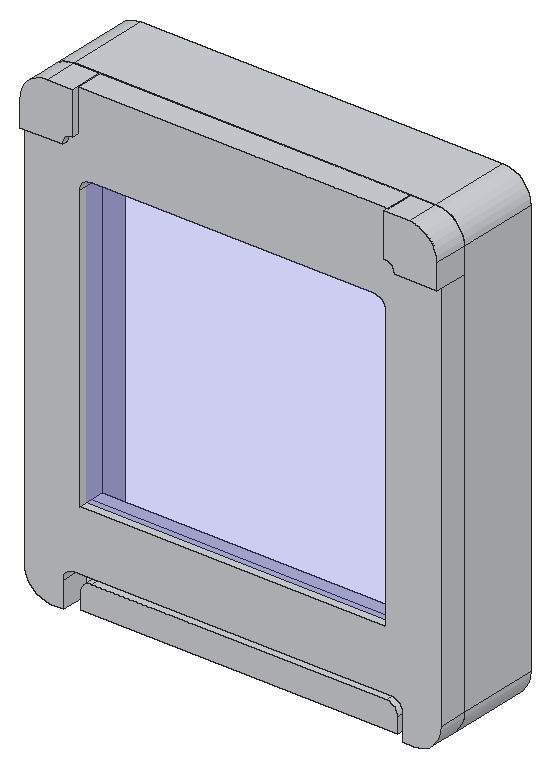
Revit family "Domotics-SerieCivili-GEWISS-27COMBIIN_SYSTEM-IP55_CALOTTA_2M", category Apparecchi elettrici, Revit 2016
Family settings
  Mantenere orientamento annotazione = No
  Tipo di parte = Normale
  Quota connettore circolare = Usa diametro
  Numero OmniClass = 23.80.30.14.24
  Titolo OmniClass = Junction Boxes
  Basato su piano di lavoro = No
  Sempre verticale = Sì
  Taglio con vuoti quando caricato = No
  Condiviso = No
  Punto di calcolo locali = No
Parameters (values of type "GW27401 - Calotta stagna 2 posti System")
  Viti coperchio = "Acciaio inox"
  Vetro Sportello = Vetro
  Versione file RFA = "19.4"
  URL = "https://www.gewiss.com/it/it"
  Tipo portella = "Con membrana"
  Termopressione con biglia = "70 °C"
  Temperatura di installazione = "-25 +60 °C"
  Scheda Tecnica = "https://www.gewiss.com/it/it/search?q=GW27401"
  SEO = "Calotta"
  Resistenza agli urti = "IK07"
  Profondità = 20 mm
  Produttore = "GEWISS S.p.A."
  Norma di riferimento: = "EN 60669-1"
  Norma di riferimento = "EN 60669-1"
  N. moduli SYSTEM = "2"
  Modello = "GW27401"
  Lunghezza = 85 mm
  Larghezza = 75 mm
  Immagine tipo = GW27401.jpg
  IFC.TypeObject = ""
  IFC.ExportType = ""
  IFC.ExportAs = ""
  IDT = "01007444-aaaf-43a2-be93-58eade9c0c9a"
  IDF = "8ccdae25-fe6c-47ac-9a04-511023a3b72e"
  Grado di protezione = "IP55"
  Glow Wire Test = "650°C"
  Finitura = none
  Dimensioni BxH (mm) = "75x85"
  Descrizione = "CALOTTA STAGNA 2 POSTI SYSTEM"
  Creato da GEWISS S.p.A. = ""
  Coppia serraggio viti = "0,8NM"
  Colore portella = "Trasparente"
  Colore = "Grigio RAL 7035"
  Codice Electrocod = "0110"
  Codice EAN = "8011564055605"
  Classe isolamento = "II"
  Catalogo Serie = "27COMBI"
  Catalogo = "DOMOTICS"
  Caratteristiche = "Halogen free"
  COBie.Tagnumber = ""
  COBie.CreatedOn = ""
  COBie.CreatebBy = ""
  COBie.ComponentRegisterItemID = ""
  COBie.Component.TagNumber = ""
  COBie.Component.Space = ""
  COBie.Component.SerialNumber = ""
  COBie.Component.InstallationDate = ""
  COBie.Component.Description = ""
  COBie.Component.BarCode = ""
  Altezza da terra = 850 mm
  Adatto per = "2 moduli SYSTEM"
Types (2, lengths in mm): name | URL | Produttore | Modello | Descrizione
  (no name) | 0 | 0 | 0 | 0
  GW27401 - Calotta stagna 2 posti System | "https://www.gewiss.com/it/it" | "GEWISS S.p.A." | "GW27401" | "CALOTTA STAGNA 2 POSTI SYSTEM"
Values of the unnamed type that differ from the named types
  Viti coperchio = ""
  Versione file RFA = ""
  Tipo portella = ""
  Termopressione con biglia = ""
  Temperatura di installazione = ""
  Scheda Tecnica = ""
  SEO = ""
  Resistenza agli urti = ""
  Norma di riferimento: = ""
  Norma di riferimento = ""
  N. moduli SYSTEM = ""
  IDT = ""
  IDF = ""
  Grado di protezione = ""
  Glow Wire Test = ""
  Dimensioni BxH (mm) = ""
  Coppia serraggio viti = ""
  Colore portella = ""
  Colore = ""
  Codice Electrocod = ""
  Codice EAN = ""
  Classe isolamento = ""
  Catalogo Serie = ""
  Catalogo = ""
  Caratteristiche = ""
  Adatto per = ""
Reference planes
  plane 1 "Centro (Fronte/Retro)": y = 0
  plane 2: z = 0
  plane 3 "Centro (Sinistra/Destra)": x = 0
  plane 4: z = 850
  plane 5: x = -37.5
  plane 6: x = 37.5
  plane 7: z = 935
  plane 8: y = 20
  plane 9 "Lato Posteriore Sportello": y = 5
  plane 10: x = -27.5
  plane 11: x = 27.5
  plane 12: z = 867.5
  plane 13 "Lato Interno Vetro": y = 2.5
  plane 14: y = 1.396
  plane 15: y = -1
Forms (mm)
  Extrusion 1, solid, material <- "Finitura"
    sketch origin (0, 5, 0) x (0, 0, 1) y (1, 0, 0)
      loop
        line (935, -32.5) -> (935, 32.5)
        arc (935, 32.5) -> (933.536, 36.036) -> (930, 37.5) r 5
        line (930, 37.5) -> (855, 37.5)
        arc (855, 37.5) -> (851.464, 36.036) -> (850, 32.5) r 5
        line (850, 32.5) -> (850, -32.5)
        arc (850, -32.5) -> (851.464, -36.036) -> (855, -37.5) r 5
        line (855, -37.5) -> (930, -37.5)
        arc (930, -37.5) -> (933.536, -36.036) -> (935, -32.5) r 5
      loop
        line (855, -35.5) -> (930, -35.5)
        arc (930, -35.5) -> (932.121, -34.621) -> (933, -32.5) r 3
        line (933, -32.5) -> (933, 32.5)
        arc (933, 32.5) -> (932.121, 34.621) -> (930, 35.5) r 3
        line (930, 35.5) -> (855, 35.5)
        arc (855, 35.5) -> (852.879, 34.621) -> (852, 32.5) r 3
        line (852, 32.5) -> (852, -32.5)
        arc (852, -32.5) -> (852.879, -34.621) -> (855, -35.5) r 3
    from 0 to 15
  Extrusion 2, solid
    sketch origin (0, 5, 0) x (0, 0, 1) y (1, 0, 0)
      loop
        line (935, -27.914) -> (935, 27.914) -> (927.415, 27.914)
        arc (927.415, 27.914) -> (926.861, 29.251) -> (925.525, 29.804) r 1.89
        line (925.525, 29.804) -> (925.525, 37.5) -> (855, 37.5)
        arc (855, 37.5) -> (851.464, 36.036) -> (850, 32.5) r 5
        line (850, 32.5) -> (850, 30.496) -> (854.753, 30.496)
        arc (854.753, 30.496) -> (856.167, 29.91) -> (856.753, 28.496) r 2
        line (856.753, 28.496) -> (856.753, -28.496)
        arc (856.753, -28.496) -> (856.167, -29.91) -> (854.753, -30.496) r 2
        line (854.753, -30.496) -> (850, -30.496) -> (850, -32.5)
        arc (850, -32.5) -> (851.464, -36.036) -> (855, -37.5) r 5
        line (855, -37.5) -> (925.525, -37.5) -> (925.525, -29.804)
        arc (925.525, -29.804) -> (926.861, -29.251) -> (927.415, -27.914) r 1.89
        line (927.415, -27.914) -> (935, -27.914)
      loop
        line (920.5, -25.5) -> (920.5, 25.5)
        arc (920.5, 25.5) -> (919.914, 26.914) -> (918.5, 27.5) r 2
        line (918.5, 27.5) -> (867.5, 27.5) -> (867.5, -27.5) -> (918.5, -27.5)
        arc (918.5, -27.5) -> (919.914, -26.914) -> (920.5, -25.5) r 2
    from 0 to -5
  Extrusion 3, solid, material <- "Finitura"
    sketch origin (0, 5, 0) x (0, 0, 1) y (1, 0, 0)
      loop
        line (850, -28.496) -> (852.753, -28.496)
        arc (852.753, -28.496) -> (854.167, -27.91) -> (854.753, -26.496) r 2
        line (854.753, -26.496) -> (854.753, 26.496)
        arc (854.753, 26.496) -> (854.167, 27.91) -> (852.753, 28.496) r 2
        line (852.753, 28.496) -> (850, 28.496) -> (850, -28.496)
    from 0 to -3.604
  Extrusion 4, solid, material "Vetro" <- "Vetro Sportello"
    sketch origin (0, 2.5, 0) x (0, 0, 1) y (1, 0, 0)
      loop
        line (920.5, -25.5) -> (920.5, 25.5)
        arc (920.5, 25.5) -> (919.914, 26.914) -> (918.5, 27.5) r 2
        line (918.5, 27.5) -> (867.5, 27.5) -> (867.5, -27.5) -> (918.5, -27.5)
        arc (918.5, -27.5) -> (919.914, -26.914) -> (920.5, -25.5) r 2
    from 0 to -1.104
  Extrusion 5, solid, material <- "Finitura"
    sketch origin (0, 5, 0) x (0, 0, 1) y (1, 0, 0)
      loop
        line (935, -32.5) -> (935, -27.914) -> (927.415, -27.914)
        arc (927.415, -27.914) -> (926.861, -29.251) -> (925.525, -29.804) r 1.89
        line (925.525, -29.804) -> (925.525, -37.5) -> (930, -37.5)
        arc (930, -37.5) -> (933.536, -36.036) -> (935, -32.5) r 5
    from 0 to -6
  Extrusion 6, solid, material <- "Finitura"
    sketch origin (0, 5, 0) x (0, 0, 1) y (1, 0, 0)
      loop
        line (935, 27.914) -> (935, 32.5)
        arc (935, 32.5) -> (933.536, 36.036) -> (930, 37.5) r 5
        line (930, 37.5) -> (925.525, 37.5) -> (925.525, 29.804)
        arc (925.525, 29.804) -> (926.861, 29.251) -> (927.415, 27.914) r 1.89
        line (927.415, 27.914) -> (935, 27.914)
    from 0 to -6
Lines and regions (mm)
  model lines
    curve 1: arc (-25.5, 0, 920.5) -> (-26.914, 0, 919.914) -> (-27.5, 0, 918.5) r 2
    curve 2: arc (27.5, 0, 918.5) -> (26.914, 0, 919.914) -> (25.5, 0, 920.5) r 2
    curve 5: arc (-27.914, 0, 927.415) -> (-29.251, 0, 926.861) -> (-29.804, 0, 925.525) r 1.89
    curve 6: arc (29.804, 0, 925.525) -> (29.251, 0, 926.861) -> (27.914, 0, 927.415) r 1.89
    curve 7: line (32.5, 0, 850) -> (-32.5, 0, 850)
    curve 8: line (27.5, 0, 918.5) -> (27.5, 0, 867.5)
    curve 9: line (27.5, 0, 867.5) -> (-27.5, 0, 867.5)
    curve 10: line (-27.5, 0, 867.5) -> (-27.5, 0, 918.5)
    curve 11: line (-25.5, 0, 920.5) -> (25.5, 0, 920.5)
    curve 16: line (-37.5, 0, 925.525) -> (-29.804, 0, 925.525)
    curve 17: line (-27.914, 0, 935) -> (-27.914, 0, 927.415)
    curve 19: line (27.914, 0, 927.415) -> (27.914, 0, 935)
    curve 20: line (37.5, 0, 925.525) -> (29.804, 0, 925.525)
  model lines, detail levels medium+fine
    curve 3: circle (-32.5, 0, 930) r 2 normal (0, -1, 0)
    curve 4: circle (32.5, 0, 930) r 2 normal (0, -1, 0)
    curve 18: line (-27.914, 0, 927.415) -> (27.914, 0, 927.415)
  model lines, detail levels fine
    curve 12: line (-34.412, 0, 929.413) -> (-31.2, 0, 931.52)
    curve 13: line (-33.972, 0, 928.646) -> (-30.672, 0, 930.81)
    curve 14: line (34.412, 0, 929.413) -> (31.2, 0, 931.52)
    curve 15: line (33.972, 0, 928.646) -> (30.672, 0, 930.81)
Dimensions and locks
  "Lunghezza": plane 7 to plane 4
  equal spacing: plane 6, plane 3 "Centro (Sinistra/Destra)", plane 5
  "Larghezza": plane 6 to plane 5
  "Altezza da terra": plane 4 to level
  "Profondità": plane 1 "Centro (Fronte/Retro)" to plane 8
  locked: plane 1 "Centro (Fronte/Retro)" to plane 9 "Lato Posteriore Sportello" at 5
  locked: plane 11 to plane 6 at 10
  locked: plane 10 to plane 5 at 10
  locked: plane 12 to plane 4 at 17.5
  locked: plane 14 to plane 13 "Lato Interno Vetro" at 1.104
  plane 15 to plane 1 "Centro (Fronte/Retro)" = 1 mm
  aligned and locked: level to plane 2
  aligned and locked: plane 10 to curve 10
  aligned and locked: plane 11 to curve 8
  aligned and locked: plane 8 to Extrusion 1
  aligned and locked: plane 5 to Extrusion 2 sketch curve
  aligned and locked: plane 6 to Extrusion 2 sketch curve
  aligned and locked: Extrusion 2 sketch curve to plane 7
  aligned and locked: plane 4 to Extrusion 2 sketch curve  (x2)
  aligned and locked: plane 1 "Centro (Fronte/Retro)" to Extrusion 2
  aligned and locked: Extrusion 3 to plane 14
  aligned and locked: plane 10 to Extrusion 4 sketch curve
  aligned and locked: plane 11 to Extrusion 4 sketch curve
  aligned and locked: plane 12 to Extrusion 4 sketch curve
  aligned and locked: Extrusion 4 to plane 14
  aligned and locked: plane 10 to Extrusion 2 sketch curve
  aligned and locked: plane 12 to Extrusion 2 sketch curve
  aligned and locked: plane 11 to Extrusion 2 sketch curve
  aligned and locked: Extrusion 5 sketch curve to plane 7
  aligned and locked: Extrusion 5 to plane 15
  aligned and locked: Extrusion 6 sketch curve to plane 7
  aligned and locked: plane 6 to Extrusion 6 sketch curve
  aligned and locked: Extrusion 6 to plane 15
Automatic sketch dimensions
  curve 7 to plane 4 = 0 mm
  curve 5 to curve 5 = 1.89 mm
  curve 5 to curve 10 = 0.414 mm
  curve 1 to curve 1 = 2 mm
  plane 6 to curve 11 = 12 mm
  curve 11 to curve 19 = 2.414 mm
  curve 6 to curve 20 = 1.89 mm
  curve 11 to curve 5 = 5.025 mm
  curve 12 to curve 13 = 0.44 mm
  curve 12 to plane 7 = 3.48 mm
  curve 3 to curve 12 = 1.3 mm
  curve 13 to plane 7 = 4.19 mm
  curve 14 to plane 7 = 3.48 mm
  curve 15 to curve 14 = 0.528 mm
  curve 15 to curve 14 = 0.44 mm
  Extrusion 1 sketch curve to Extrusion 1 sketch curve = 0 mm  (x7)
  Extrusion 1 sketch curve to plane 4 = 0 mm
  plane 6 to Extrusion 1 sketch curve = 0 mm
  Extrusion 1 sketch curve to plane 5 = 0 mm
  Extrusion 1 sketch curve to plane 7 = 0 mm
  Extrusion 1 sketch curve to Extrusion 1 sketch curve = 3 mm  (x3)
  Extrusion 1 sketch curve to plane 7 = 5 mm
  plane 4 to Extrusion 2 sketch curve = 5 mm  (x2)
  Extrusion 2 sketch curve to plane 7 = 9.475 mm
  Extrusion 2 sketch curve to plane 10 = 0.414 mm
  Extrusion 2 sketch curve to Extrusion 2 sketch curve = 1.89 mm  (x2)
  Extrusion 2 sketch curve to plane 11 = 0.414 mm
  Extrusion 2 sketch curve to plane 7 = 7.585 mm
  Extrusion 2 sketch curve to plane 10 = 0.996 mm
  Extrusion 2 sketch curve to Extrusion 2 sketch curve = 0.247 mm  (x2)
  Extrusion 2 sketch curve to Extrusion 2 sketch curve = 2 mm
  Extrusion 2 sketch curve to plane 11 = 0.996 mm
  Extrusion 3 sketch curve to plane 4 = 0 mm
  Extrusion 3 sketch curve to plane 10 = 0.996 mm
  Extrusion 3 sketch curve to Extrusion 3 sketch curve = 2.753 mm  (x2)
  Extrusion 3 sketch curve to plane 11 = 0.996 mm
  plane 11 to Extrusion 3 sketch curve = 1.004 mm
  Extrusion 4 sketch curve to plane 7 = 16.5 mm  (x2)
  plane 10 to Extrusion 4 sketch curve = 2 mm
  Extrusion 2 sketch curve to Extrusion 2 sketch curve = 7.025 mm  (x2)
  plane 11 to Extrusion 2 sketch curve = 2 mm
  Extrusion 5 sketch curve to Extrusion 5 sketch curve = 5 mm
  Extrusion 5 sketch curve to plane 10 = 0.414 mm
  Extrusion 5 sketch curve to Extrusion 5 sketch curve = 2.585 mm
  Extrusion 5 sketch curve to Extrusion 5 sketch curve = 1.89 mm
  Extrusion 5 sketch curve to plane 5 = 0 mm
  Extrusion 6 sketch curve to plane 11 = 0.414 mm
  Extrusion 6 sketch curve to Extrusion 6 sketch curve = 1.89 mm
  Extrusion 6 sketch curve to Extrusion 6 sketch curve = 4.475 mm
  Extrusion 6 sketch curve to Extrusion 6 sketch curve = 4.586 mm
  curve 1 to curve 13 = 10.146 mm
  Extrusion 1 sketch curve to Extrusion 1 sketch curve = 2 mm
  plane 5 to curve 7 = 5 mm
  curve 9 to plane 12 = 0 mm
  plane 6 to curve 7 = 5 mm
  plane 6 to curve 20 = 0 mm
  curve 19 to plane 7 = 0 mm
  curve 17 to plane 7 = 0 mm
  curve 16 to plane 5 = 0 mm
  plane 5 to curve 3 = 5 mm
  curve 2 to curve 15 = 10.146 mm
  curve 3 to curve 12 = 1.52 mm
  plane 6 to curve 4 = 5 mm
  curve 2 to curve 14 = 13.02 mm
  curve 15 to curve 4 = 1.354 mm
  curve 15 to curve 4 = 1.828 mm
